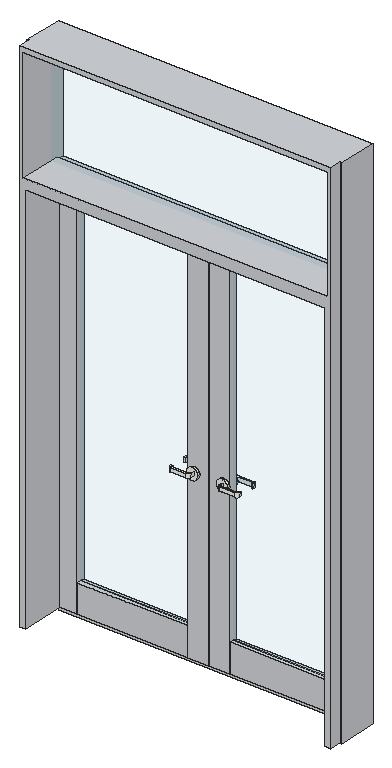
Revit family "Dor_両開き戸（幕板付）", category ドア, Revit 2020
Family settings
  ホスト = 壁
  常に垂直 = はい
  ロード時にボイドで切り取り = はい
  共有 = いいえ
  部屋計算ポイント = いいえ
Parameters (values of type "両開き戸（幕板付）")
  開口逃げ位置表示 [instance] = no
  金物_施錠方式(外) = ""
  金物_施錠方式(内) = ""
  金物_支持金物 = ""
  金物_操作金物 = ""
  金物_戸当り = ""
  金物_固定金物 = ""
  金物_フランス落し = ""
  金物_クローザー = ""
  逃げ_左 = 60 mm
  逃げ_右 = 60 mm
  解析用性能 = "<なし>"
  符号_建具記号 = ""
  符号_建具番号 = ""
  無目見付 = 40 mm
  法_随時閉鎖 = yes
  法_防火性能 = ""
  法_遮煙 = yes
  法_常時閉鎖 = yes
  沓摺表示 [instance] = yes
  文字_ガラス厚 = ""
  幕板高さ = 600 mm
  幕板_パネル = no
  幕板_ガラス = not(幕板_パネル)  # yes
  建枠下延長 [instance] = 0 mm
  沓摺見込_Kc_Kd [instance] = 150 mm
  ラベル_遮煙 = if(法_遮煙, "S", " ")  # "S"
  ラベル_法囲み = if(法_常時閉鎖, "□", if(法_随時閉鎖, "〇", " "))  # "□"
  ドア高さ = 2100 mm
  ドアパネルタイプ2 = DP_框 : 框
  ドアパネルタイプ1 = DP_框 : 框
  ドアパネルタイプ = DP_腰窓+ガラリ : 腰窓+ガラリ
  スリット/小窓位置：戸先 [instance] = yes
  ガラス厚 = 6 mm
  オフセット_外側 [instance] = 50 mm
  hideFill_offset [instance] = オフセット_内側 + 2 mm + LOCK  # 52 mm
  calc_逃げ位置 [instance] = if(bWallThicknessOffset, calc_壁芯ずれ, 0 mm)  # 0 mm
  calc_無目D [instance] = if(幕板_ガラス, パネル厚, 0 mm)  # 45 mm
  calc_沓摺幅 = 幅 + 戸当見付 * 2  # 1630 mm
  沓摺タイプ = Ka_沓摺 : Ka_沓摺
  次による断熱プロパティの定義 = スキーマティック タイプ
  枠見付内_F01 = 30 mm
  calc_枠見込内 [instance] = if(and(枠ちり内 = 0 mm, オフセット_内側 = 0 mm), 1 mm, 0 mm)  # 0 mm
  calc_枠見付内 = if(枠タイプ = 1, 枠見付内_F01, if(枠タイプ = 2, 枠見付 + 戸当見付, if(枠タイプ = 3, 枠見付 + 戸当見付, 枠見付)))  # 30 mm
  文字_額縁材質 = ""
  文字_額縁仕上 = ""
  文字_沓摺材質 = ""
  文字_沓摺仕上 = ""
  文字_枠材質 = ""
  文字_枠仕上 = ""
  文字_建具材質 = ""
  文字_建具仕上 = ""
  文字_取付場所 = ""
  文字_備考 = ""
  文字_パネル厚 = ""
  文字_ガラリ材質 = ""
  文字_ガラリ仕上 = ""
  文字_ガラス材質 = ""
  文字_アンダーカット = ""
  性能_遮音 = ""
  性能_気密 = ""
  形状_沓摺形状 = ""
  形状_枠形状 = ""
  形状_建具形式 = ""
  形状_ガラリ形状 = ""
  仕上げ厚 = 0 mm
  calc_幕板パネル高 = 幕板高さ + 戸当見付  # 615 mm
  calc_壁芯ずれ [instance] = オフセット_外側 / 2 + オフセット_内側 / 2  # 50 mm
  calc_仕上げ厚 [instance] = if(and(オフセット_内側 = 0 mm, 仕上げ厚 = 0 mm), 11 mm, 仕上げ厚)  # 0 mm
  マテリアル_沓摺 = none
  マテリアル_枠 = none
  マテリアル_パネル = none
  マテリアル_ガラリ = none
  マテリアル_ガラス = ガラス - 透明
  パネル幅2 = パネル幅1 + LOCK  # 815 mm
  パネル幅1 = 幅 / 2 + 戸当見付  # 815 mm
  calc_ボイド高さ = if(枠タイプ = 2, H寸法 + 枠見付 + 戸当見付, H寸法 + 枠見付)  # 2780 mm
  calc_パネル中心位置 = パネル厚 / 2 + LOCK  # 22.5 mm
  ハンドル表示 [instance] = yes
  Keynote = ""
  オフセット_内側 [instance] = 50 mm
  bWallThicknessOffset = no
  bGlass&F02 = and(枠タイプ = 2, 幕板_ガラス)  # no
  bF01&F03 = not(枠タイプ = 2)  # yes
  W寸法 = 1600 mm
  LOCK = 0 mm  # constant formula
  H寸法 = ドア高さ + 無目見付 + 幕板高さ + 戸当見付  # 2755 mm
  F02_片ひばた2 = 枠タイプ = 2  # no
  Function = (empty or 0)
  Description = ""
  枠タイプ = 1
  Rough Width = 0 mm
  高さ = H寸法 + LOCK  # 2755 mm
  枠見付 = 25 mm
  枠ちり外 = 10 mm
  枠ちり内 = 10 mm
  ハンドル_高さ = 900 mm
  ハンドル_オフセット = 80 mm
  戸当見付 = 15 mm
  Construction Type = ""
  Wall Closure = (empty or 0)
  幅 = W寸法 + LOCK  # 1600 mm
  Rough Height = 0 mm
  パネル高 = ドア高さ + 戸当見付 - アンダーカット  # 2110 mm
  パネル幅 = (幅 + 戸当見付 * 2) / 2  # 815 mm
  パネル厚 = 45 mm
  アンダーカット = 5 mm
  F01_片ひばた1 = 枠タイプ = 1  # yes
  F03_両ひばた = 枠タイプ = 3  # no
Reference planes
  plane 1: y = 0
  plane 2 "中心(左/右)": x = 0
  plane 3 "EXT.": y = 75
  plane 4 "内壁": y = -75
  plane 5 "左": x = -800
  plane 6 "右": x = 800
  plane 7 "上側": z = 2755
  plane 8: z = 0
  plane 9 "枠ちり外": y = 135
  plane 10 "左扉位置": x = -815
  plane 11 "枠外側左": x = -840
  plane 12 "枠内側左": x = -830
  plane 13 "仕上げ厚": y = -75
  plane 14 "右扉位置": x = 815
  plane 15 "枠外側右": x = 840
  plane 16 "枠内側右": x = 830
  plane 17 "枠見付_上": z = 2780
  plane 18 "枠見付内_上": z = 2795
  plane 19: y = 90
  plane 20 "戸当り込": y = -90
  plane 21 "枠見付内左": x = -830
  plane 22 "枠見付外": x = 830
  plane 23: z = 5
  plane 24 "オフセット": y = -125
  plane 25 "枠ちり内": y = -135
  plane 26 "パネル中心": y = 112.5
  plane 27: x = -845
  plane 28: x = 845
  plane 29: y = 65
  plane 30 "枠見込内": y = -75
  plane 31: y = -130
  plane 32 "壁芯": y = -50
  plane 33: x = 407.5
  plane 34: x = -407.5
  plane 35: x = -80
  plane 36: x = 80
  plane 37: z = 900
  plane 38 "上枠戸当り": z = 2100
  plane 39 "無目下端": z = 2115
  plane 40 "無目上端": z = 2155
  plane 41: z = 0
  plane 42 "オフセット外側": y = 125
  plane 43 "ガラス位置": z = 2140
  plane 44: y = 60
  plane 45 "無目D": y = 90
  plane 46 "逃げ位置": y = 0
Forms (mm)
  Extrusion 1, void
    sketch origin (0, 0, 0) x (1, 0, 0) y (0, 1, 0)
      loop
        line (-830, -125) -> (830, -125) -> (830, -75) -> (-830, -75) -> (-830, -125)
    from 0 to 2780 <- "calc_ボイド高さ"
  Extrusion 2, void
    sketch origin (0, 0, 0) x (1, 0, 0) y (0, 1, 0)
      loop
        line (-840, 125) -> (-840, -75) -> (840, -75) -> (840, 125) -> (-840, 125)
    from 0 to 2780
  Sweep 3, solid, material <- "マテリアル_枠", visible <- "F01_片ひばた1"
    path origin (0, 75, 0) x (1, 0, 0) y (0, 0, 1)
      loop
        line (800, 0) -> (800, 2100) -> (-800, 2100) -> (-800, 0)
    profile origin (800, 75, 1050) x (-1, 0, 0) y (0, -1, 0)
      loop
        line (-40, -60) -> (-15, -60) -> (-15, -15) -> (0, -15) -> (0, 210) -> (-30, 210) -> (-30, 150) -> (-40, 150) -> (-40, -60)
  Sweep 4, solid, material <- "マテリアル_枠", visible <- "F02_片ひばた2"
    path origin (0, 75, 0) x (1, 0, 0) y (0, 0, 1)
      loop
        line (800, 0) -> (800, 2100) -> (-800, 2100) -> (-800, 0)
    profile origin (800, 75, 1050) x (-1, 0, 0) y (0, -1, 0)
      loop
        line (-40, -60) -> (-15, -60) -> (-15, -15) -> (0, -15) -> (0, 210) -> (-40, 210) -> (-40, -60)
  Sweep 5, solid, material <- "マテリアル_枠", visible <- "F03_両ひばた"
    path origin (0, 75, 0) x (1, 0, 0) y (0, 0, 1)
      loop
        line (800, 0) -> (800, 2100) -> (-800, 2100) -> (-800, 0)
    profile origin (800, 75, 1050) x (-1, 0, 0) y (0, -1, 0)
      loop
        line (-40, -60) -> (-15, -60) -> (-15, -15) -> (0, -15) -> (0, 165) -> (-15, 165) -> (-15, 210) -> (-40, 210) -> (-40, -60)
  Extrusion 6, solid, material <- "マテリアル_枠", visible <- "F03_両ひばた"
    sketch origin (0, 0, 0) x (0, 1, 0) y (0, 0, 1)
      loop
        line (90, 2140) -> (90, 2155) -> (-135, 2155) -> (-135, 2140) -> (90, 2140)
    from -815 to 815
  Extrusion 7, solid, material "ガラス - 透明" <- "マテリアル_ガラス", visible <- "幕板_ガラス"
    sketch origin (0, 0, 0) x (1, 0, 0) y (0, 1, 0)
      loop
        line (-815, 50) -> (815, 50) -> (815, 60) -> (-815, 60) -> (-815, 50)
    from 2140 to 2755
  Extrusion 8, solid, material <- "マテリアル_枠", visible <- "F03_両ひばた"
    sketch origin (0, 95, 0) x (-1, 0, 0) y (0, 0, 1)
      loop
        line (-830, 2130) -> (-815, 2130) -> (-815, 2755) -> (815, 2755) -> (815, 2130) -> (830, 2130) -> (830, 2780) -> (-830, 2780) -> (-830, 2130)
    from 40 to -230
  Extrusion 9, solid, material <- "マテリアル_パネル", visible <- "幕板_パネル"
    sketch origin (0, 0, 0) x (0, 1, 0) y (0, 0, 1)
      loop
        line (132, 2755) -> (-132, 2755) -> (-132, 2155) -> (132, 2155) -> (132, 2755)
    from -815 to 815
  Extrusion 10, solid, material <- "マテリアル_枠", visible <- "F02_片ひばた2"
    sketch origin (0, 0, 0) x (0, 1, 0) y (0, 0, 1)
      loop
        line (90, 2140) -> (90, 2155) -> (-135, 2155) -> (-135, 2140) -> (90, 2140)
    from -815 to 815
  Extrusion 11, solid, material <- "マテリアル_枠", visible <- "F02_片ひばた2"
    sketch origin (0, 95, 0) x (-1, 0, 0) y (0, 0, 1)
      loop
        line (-840, 2140) -> (-815, 2140) -> (-815, 2755) -> (815, 2755) -> (815, 2140) -> (840, 2140) -> (840, 2780) -> (-840, 2780) -> (-840, 2140)
    from 40 to -230
  Extrusion 12, solid, material <- "マテリアル_枠", visible <- "F02_片ひばた2"
    sketch origin (0, -85, 0) x (-1, 0, 0) y (0, 0, 1)
      loop
        line (815, 2755) -> (800, 2755) -> (800, 2155) -> (815, 2155) -> (815, 2755)
      loop
        line (-800, 2755) -> (-815, 2755) -> (-815, 2155) -> (-800, 2155) -> (-800, 2755)
    from -50 to 175
  Extrusion 13, solid, material <- "マテリアル_枠", visible <- "F02_片ひばた2"
    sketch origin (0, -85, 0) x (-1, 0, 0) y (0, 0, 1)
      loop
        line (840, 2795) -> (-840, 2795) -> (-840, 2780) -> (840, 2780) -> (840, 2795)
    from 10 to -50
  Extrusion 14, solid, material <- "マテリアル_枠", visible <- "F01_片ひばた1"
    sketch origin (0, 0, 0) x (0, 1, 0) y (0, 0, 1)
      loop
        line (90, 2140) -> (90, 2155) -> (-135, 2155) -> (-135, 2130) -> (-75, 2130) -> (-75, 2140) -> (90, 2140)
    from -815 to 815
  Extrusion 15, solid, material <- "マテリアル_枠", visible <- "F01_片ひばた1"
    sketch origin (0, 95, 0) x (-1, 0, 0) y (0, 0, 1)
      loop
        line (-840, 2140) -> (-815, 2140) -> (-815, 2755) -> (815, 2755) -> (815, 2140) -> (840, 2140) -> (840, 2780) -> (-840, 2780) -> (-840, 2140)
    from 40 to -170
  Extrusion 16, solid, material <- "マテリアル_枠", visible <- "F01_片ひばた1"
    sketch origin (0, -85, 0) x (-1, 0, 0) y (0, 0, 1)
      loop
        line (830, 2130) -> (830, 2780) -> (-830, 2780) -> (-830, 2130) -> (-815, 2130) -> (-815, 2755) -> (815, 2755) -> (815, 2130) -> (830, 2130)
    from -50 to 10
Cuts and joins
  joined: Sweep 3, Extrusion 14, Extrusion 15, Extrusion 16
  joined: Sweep 4, Extrusion 10, Extrusion 11, Extrusion 12, Extrusion 13
  joined: Sweep 5, Extrusion 6, Extrusion 8
Lines and regions (mm)
  Masking region 1
    outline origin (0, 0, 0) x (0, 1, 0) y (0, 0, 1)
      loop
        line (135, 2115) -> (90, 2115) -> (90, 5) -> (135, 5) -> (135, 2115)
  Masking region 2, visible <- "F01_片ひばた1", detail levels medium+fine
    outline origin (0, 0, 0) x (1, 0, 0) y (0, 1, 0)
      loop
        line (-840, -75) -> (-830, -75) -> (-830, -135) -> (-800, -135) -> (-800, 90) -> (-815, 90) -> (-815, 135) -> (-840, 135) -> (-840, -75)
      loop
        line (840, -75) -> (840, 135) -> (815, 135) -> (815, 90) -> (800, 90) -> (800, -135) -> (830, -135) -> (830, -75) -> (840, -75)
  Masking region 3, visible <- "F02_片ひばた2", detail levels medium+fine
    outline origin (0, 0, 0) x (1, 0, 0) y (0, 1, 0)
      loop
        line (-840, -135) -> (-800, -135) -> (-800, 90) -> (-815, 90) -> (-815, 135) -> (-840, 135) -> (-840, -135)
      loop
        line (840, 135) -> (815, 135) -> (815, 90) -> (800, 90) -> (800, -135) -> (840, -135) -> (840, 135)
  Masking region 4, detail levels coarse
    outline origin (0, 0, 0) x (1, 0, 0) y (0, 1, 0)
      loop
        line (-800, -130) -> (800, -130) -> (800, -125) -> (800, 125) -> (800, 130) -> (-800, 130) -> (-800, 125) -> (-800, -125) -> (-800, -130)
  Masking region 5, detail levels coarse
    outline origin (0, 0, 0) x (1, 0, 0) y (0, 1, 0)
      loop
        line (-845, 125) -> (-845, -125) -> (-800, -125) -> (-800, 125) -> (-845, 125)
      loop
        line (845, 125) -> (800, 125) -> (800, -125) -> (845, -125) -> (845, 125)
  Masking region 6, visible <- "F03_両ひばた", detail levels medium+fine
    outline origin (0, 0, 0) x (1, 0, 0) y (0, 1, 0)
      loop
        line (-840, 135) -> (-840, -135) -> (-815, -135) -> (-815, -90) -> (-800, -90) -> (-800, 90) -> (-815, 90) -> (-815, 135) -> (-840, 135)
      loop
        line (840, 135) -> (815, 135) -> (815, 90) -> (800, 90) -> (800, -90) -> (815, -90) -> (815, -135) -> (840, -135) -> (840, 135)
  Masking region 7, visible <- "F02_片ひばた2"
    outline origin (0, -50, 0) x (0, 1, 0) y (0, 0, 1)
      loop
        line (155, 2780) -> (155, 2782) -> (-3, 2782) -> (-3, 2797) -> (-55, 2797) -> (-55, 2795) -> (-85, 2795) -> (-85, 2755) -> (185, 2755) -> (185, 2780) -> (155, 2780)
  Masking region 8, visible <- "bF01&F03"
    outline origin (0, 0, 0) x (0, 1, 0) y (0, 0, 1)
      loop
        line (105, 2780) -> (105, 2782) -> (-105, 2782) -> (-105, 2780) -> (-135, 2780) -> (-135, 2755) -> (135, 2755) -> (135, 2780) -> (105, 2780)
  Masking region 9, visible <- "幕板_パネル"
    outline origin (0, 0, 0) x (0, 1, 0) y (0, 0, 1)
      loop
        line (132, 2155) -> (132, 2755) -> (-132, 2755) -> (-132, 2155) -> (132, 2155)
  Masking region 10, visible <- "bGlass&F02"
    outline origin (0, 0, 0) x (0, 1, 0) y (0, 0, 1)
      loop
        line (88, 2155) -> (90, 2155) -> (92, 2155) -> (92, 2755) -> (88, 2755) -> (88, 2155)
  symbolic lines
    curve 1: line (0, 185, 0) -> (0, -185, 0)
  symbolic lines, style "DoorsGlassProjection", visible <- "幕板_ガラス", detail levels coarse
    curve 2: line (0, 60, 2140) -> (0, 60, 2755)
  symbolic lines, style "DoorsGlassProjection", visible <- "幕板_ガラス"
    curve 3: line (0, 97.5, 2140) -> (0, 97.5, 2755)
Text (mm)
  text "EXT." at (-2295.016, 1099.543, 0), in view "基準レベル"
  text "外部" at (0, 1615.38, 3698.081), in view "左"
  text "外部" at (0, 1036.032, 3874.932), in view "右"
  text "内部" at (0, -1175.082, 3874.932), in view "右"
  text "内部" at (-2295.016, -1087.353, 0), in view "基準レベル"
Dimensions and locks
  equal spacing: plane 5 "左", plane 2 "中心(左/右)", plane 6 "右"
  locked: plane 3 "EXT." to host wall
  locked: plane 4 "内壁" to host wall
  "W寸法": plane 5 "左" to plane 6 "右"
  "H寸法": plane 8 to plane 7 "上側"
  "戸当見付": plane 10 "左扉位置" to plane 5 "左"
  "calc_枠見付内": plane 12 "枠内側左" to plane 5 "左"
  "枠見付": plane 11 "枠外側左" to plane 10 "左扉位置"
  "calc_仕上げ厚": plane 13 "仕上げ厚" to plane 4 "内壁"
  "枠見付": plane 15 "枠外側右" to plane 14 "右扉位置"
  "パネル厚": plane 9 "枠ちり外" to plane 19
  "戸当見付": plane 6 "右" to plane 14 "右扉位置"
  "calc_枠見付内": plane 6 "右" to plane 16 "枠内側右"
  "枠見付内_F01": plane 21 "枠見付内左" to plane 5 "左"
  "枠見付内_F01": plane 6 "右" to plane 22 "枠見付外"
  "枠ちり内": plane 24 "オフセット" to plane 25 "枠ちり内"
  "オフセット_内側": plane 24 "オフセット" to plane 4 "内壁"
  "アンダーカット": plane 23 to plane 8
  plane 9 "枠ちり外" to nested 4 to plane 19 = 22.5 mm, 22.5 mm
  locked: curve 1 to plane 9 "枠ちり外" at 50
  locked: plane 25 "枠ちり内" to curve 1 at 50
  plane 4 "内壁" to plane 3 "EXT." = 150 mm
  locked: plane 27 to plane 11 "枠外側左" at 5
  locked: plane 15 "枠外側右" to plane 28 at 5
  locked: plane 29 to plane 3 "EXT." at 10
  locked: plane 24 "オフセット" to plane 31 at 5
  "calc_壁芯ずれ": plane 32 "壁芯" to plane 1
  equal spacing: plane 2 "中心(左/右)", plane 33, plane 14 "右扉位置"
  equal spacing: plane 10 "左扉位置", plane 34, plane 2 "中心(左/右)"
  "ハンドル_高さ": plane 37 to plane 8
  "ハンドル_オフセット": plane 36 to plane 2 "中心(左/右)"
  "ハンドル_オフセット": plane 2 "中心(左/右)" to plane 35
  "ドア高さ": plane 38 "上枠戸当り" to plane 8
  "戸当見付": plane 39 "無目下端" to plane 38 "上枠戸当り"
  "無目見付": plane 40 "無目上端" to plane 39 "無目下端"
  "建枠下延長": plane 8 to plane 41
  "calc_枠見込内": plane 30 "枠見込内" to plane 4 "内壁"
  "calc_パネル中心位置": plane 9 "枠ちり外" to plane 26 "パネル中心"
  "オフセット_外側": plane 3 "EXT." to plane 42 "オフセット外側"
  "枠ちり外": plane 42 "オフセット外側" to plane 9 "枠ちり外"
  locked: plane 42 "オフセット外側" to Masking region 4 sketch curve at 5
  plane 7 "上側" to plane 40 "無目上端" = 600 mm
  plane 40 "無目上端" to plane 43 "ガラス位置" = 15 mm
  plane 7 "上側" to plane 18 "枠見付内_上" = 40 mm
  "calc_無目D": plane 9 "枠ちり外" to plane 45 "無目D"
  locked: Masking region 7 sketch curve to plane 25 "枠ちり内" at 30
  locked: plane 9 "枠ちり外" to Masking region 7 sketch curve at 30
  locked: Masking region 7 sketch curve to plane 17 "枠見付_上" at 2
  "枠見付": plane 7 "上側" to plane 17 "枠見付_上"
  "戸当見付": plane 18 "枠見付内_上" to plane 17 "枠見付_上"
  locked: plane 9 "枠ちり外" to Extrusion 9 at 3
  locked: Extrusion 9 to plane 25 "枠ちり内" at 3
  locked: Masking region 8 sketch curve to plane 17 "枠見付_上" at 2
  locked: plane 9 "枠ちり外" to Masking region 8 sketch curve at 30
  locked: Masking region 8 sketch curve to plane 25 "枠ちり内" at 30
  locked: plane 43 "ガラス位置" to Extrusion 8 sketch curve at 10  (x2)
  locked: plane 43 "ガラス位置" to Extrusion 14 sketch curve at 10
  locked: curve 3 to plane 45 "無目D" at 7.5
  locked: Masking region 7 sketch curve to plane 18 "枠見付内_上" at 2
  "hideFill_offset": Masking region 7 sketch curve to Masking region 7 sketch curve
  Masking region 10 sketch curve to plane 45 "無目D" to Masking region 10 sketch curve = 2 mm locked, 2 mm locked
  "パネル厚": plane 20 "戸当り込" to plane 25 "枠ちり内"
  Extrusion 6 to Extrusion 8 = 640 mm
  "calc_逃げ位置": plane 46 "逃げ位置" to host wall
  aligned and locked: plane 1 to host wall
  aligned and locked: level to plane 8
  aligned and locked: Extrusion 1 sketch curve to plane 12 "枠内側左"
  aligned and locked: Extrusion 1 sketch curve to plane 16 "枠内側右"
  aligned and locked: plane 11 "枠外側左" to Extrusion 2 sketch curve
  aligned and locked: plane 13 "仕上げ厚" to Extrusion 2 sketch curve
  aligned and locked: plane 15 "枠外側右" to Extrusion 2 sketch curve
  aligned and locked: plane 17 "枠見付_上" to Extrusion 2
  aligned and locked: plane 6 "右" to Sweep 3 sketch curve  (x2)
  aligned and locked: Sweep 3 sketch curve to plane 5 "左"
  aligned and locked: Sweep 3 sketch curve to plane 13 "仕上げ厚"
  aligned and locked: plane 9 "枠ちり外" to Sweep 3 sketch curve
  aligned and locked: plane 19 to Sweep 3 sketch curve
  aligned and locked: plane 14 "右扉位置" to Sweep 3 sketch curve
  aligned and locked: Sweep 3 sketch curve to plane 15 "枠外側右"
  aligned and locked: plane 15 "枠外側右" to Sweep 4 sketch curve
  aligned and locked: plane 14 "右扉位置" to Sweep 5 sketch curve  (x2)
  aligned and locked: Sweep 5 sketch curve to plane 20 "戸当り込"
  aligned and locked: plane 22 "枠見付外" to Sweep 3 sketch curve
  aligned and locked: Sweep 3 sketch curve to plane 25 "枠ちり内"
  aligned and locked: Sweep 4 sketch curve to plane 25 "枠ちり内"
  aligned and locked: plane 19 to Sweep 4 sketch curve
  aligned and locked: Sweep 5 sketch curve to plane 25 "枠ちり内"
  aligned and locked: Extrusion 1 to plane 24 "オフセット"
  aligned and locked: Sweep 4 to Masking region 1 sketch curve
  aligned and locked: plane 2 "中心(左/右)" to nested 1
  aligned and locked: nested 1 to plane 26 "パネル中心"
  aligned and locked: Masking region 2 sketch curve to plane 9 "枠ちり外"
  aligned and locked: Masking region 2 sketch curve to plane 19
  aligned and locked: plane 25 "枠ちり内" to Masking region 2 sketch curve
  aligned and locked: plane 11 "枠外側左" to Masking region 2 sketch curve
  aligned and locked: plane 5 "左" to Masking region 2 sketch curve
  aligned and locked: plane 6 "右" to Masking region 2 sketch curve
  aligned and locked: Masking region 2 sketch curve to plane 15 "枠外側右"
  aligned and locked: plane 14 "右扉位置" to Masking region 2 sketch curve
  aligned and locked: Masking region 2 sketch curve to plane 21 "枠見付内左"
  aligned and locked: plane 21 "枠見付内左" to Masking region 2 sketch curve
  aligned and locked: plane 22 "枠見付外" to Masking region 2 sketch curve  (x2)
  aligned and locked: plane 5 "左" to Masking region 4 sketch curve
  aligned and locked: Masking region 4 sketch curve to plane 6 "右"
  aligned and locked: Masking region 5 sketch curve to plane 27
  aligned and locked: Masking region 4 to Masking region 5 sketch curve
  aligned and locked: plane 6 "右" to Masking region 5 sketch curve
  aligned and locked: Masking region 5 sketch curve to plane 28
  aligned and locked: plane 24 "オフセット" to Masking region 5 sketch curve
  aligned and locked: Masking region 5 sketch curve to plane 24 "オフセット"
  aligned and locked: plane 24 "オフセット" to Masking region 4 sketch curve  (x2)
  aligned and locked: Masking region 4 sketch curve to plane 31
  aligned and locked: plane 14 "右扉位置" to Masking region 6 sketch curve
  aligned and locked: plane 20 "戸当り込" to Masking region 6 sketch curve  (x2)
  aligned and locked: Masking region 6 sketch curve to plane 20 "戸当り込"  (x2)
  aligned and locked: nested 2 to plane 9 "枠ちり外"
  aligned and locked: nested 2 to plane 14 "右扉位置"
  aligned and locked: plane 19 to Sweep 5 sketch curve
  aligned and locked: plane 9 "枠ちり外" to Sweep 5 sketch curve
  aligned and locked: plane 9 "枠ちり外" to Sweep 4 sketch curve
  aligned and locked: plane 34 to nested 4
  aligned and locked: plane 26 "パネル中心" to nested 5
  aligned and locked: nested 4 to plane 26 "パネル中心"
  aligned and locked: nested 5 to plane 8
  aligned and locked: plane 8 to nested 4
  aligned and locked: nested 7 to plane 35
  aligned and locked: nested 6 to plane 26 "パネル中心"
  aligned and locked: plane 26 "パネル中心" to nested 7
  aligned and locked: nested 7 to plane 37
  aligned and locked: plane 37 to nested 6
  aligned and locked: plane 33 to nested 8
  aligned and locked: nested 8 to plane 8
  aligned and locked: plane 34 to nested 9
  aligned and locked: plane 8 to nested 9
  aligned and locked: plane 33 to nested 5
  aligned and locked: Masking region 1 to plane 39 "無目下端"
  aligned and locked: plane 13 "仕上げ厚" to Extrusion 1 sketch curve
  aligned and locked: plane 41 to Sweep 3 sketch curve  (x2)
  aligned and locked: plane 41 to Sweep 4 sketch curve  (x2)
  aligned and locked: plane 41 to Sweep 5 sketch curve  (x2)
  aligned and locked: Masking region 6 sketch curve to plane 15 "枠外側右"
  aligned and locked: plane 11 "枠外側左" to Masking region 6 sketch curve
  aligned and locked: plane 4 "内壁" to Masking region 2 sketch curve
  aligned and locked: Masking region 2 sketch curve to plane 4 "内壁"
  aligned and locked: Masking region 3 sketch curve to plane 15 "枠外側右"
  aligned and locked: plane 11 "枠外側左" to Masking region 3 sketch curve
  aligned and locked: plane 42 "オフセット外側" to Masking region 5 sketch curve
  aligned and locked: Masking region 5 sketch curve to plane 42 "オフセット外側"
  aligned and locked: plane 42 "オフセット外側" to Masking region 4 sketch curve  (x2)
  aligned and locked: Sweep 5 sketch curve to plane 38 "上枠戸当り"
  aligned and locked: Sweep 4 sketch curve to plane 38 "上枠戸当り"
  aligned and locked: Sweep 3 sketch curve to plane 38 "上枠戸当り"
  aligned and locked: Extrusion 7 sketch curve to plane 44
  aligned and locked: Masking region 7 sketch curve to Masking region 7 sketch curve  (x3)
  aligned and locked: Masking region 8 sketch curve to Masking region 8 sketch curve
  aligned and locked: Extrusion 16 sketch curve to plane 10 "左扉位置"
  aligned and locked: plane 12 "枠内側左" to Extrusion 16 sketch curve
  aligned and locked: Extrusion 16 sketch curve to plane 22 "枠見付外"
  aligned and locked: Extrusion 16 sketch curve to plane 14 "右扉位置"
  aligned and locked: Extrusion 16 sketch curve to plane 17 "枠見付_上"
  aligned and locked: plane 45 "無目D" to Extrusion 14 sketch curve
  aligned and locked: Extrusion 11 to plane 25 "枠ちり内"
  aligned and locked: plane 18 "枠見付内_上" to Extrusion 13
  aligned and locked: plane 13 "仕上げ厚" to Extrusion 13
  aligned and locked: plane 9 "枠ちり外" to Masking region 7 sketch curve
  aligned and locked: plane 7 "上側" to Masking region 7 sketch curve
  aligned and locked: Masking region 7 sketch curve to plane 25 "枠ちり内"
  aligned and locked: plane 18 "枠見付内_上" to Masking region 7 sketch curve
  aligned and locked: Extrusion 12 to plane 25 "枠ちり内"
  aligned and locked: plane 16 "枠内側右" to Extrusion 8 sketch curve
  aligned and locked: Extrusion 8 sketch curve to plane 14 "右扉位置"
  aligned and locked: Extrusion 8 sketch curve to plane 7 "上側"
  aligned and locked: Extrusion 8 sketch curve to plane 17 "枠見付_上"
  aligned and locked: Extrusion 8 sketch curve to plane 12 "枠内側左"
  aligned and locked: Extrusion 8 sketch curve to plane 10 "左扉位置"
  aligned and locked: plane 45 "無目D" to Extrusion 6 sketch curve
  aligned and locked: cut or joined group of Sweep 5, Extrusion 6, Extrusion 8 to plane 10 "左扉位置"
  aligned and locked: cut or joined group of Sweep 5, Extrusion 6, Extrusion 8 to plane 14 "右扉位置"
  aligned and locked: Extrusion 9 to plane 10 "左扉位置"
  aligned and locked: Extrusion 9 to plane 14 "右扉位置"
  aligned and locked: Extrusion 7 to plane 7 "上側"
  aligned and locked: Extrusion 7 to plane 43 "ガラス位置"
  aligned and locked: cut or joined group of Sweep 4, Extrusion 10, Extrusion 11, Extrusion 12, Extrusion 13 to plane 14 "右扉位置"
  aligned and locked: cut or joined group of Sweep 4, Extrusion 10, Extrusion 11, Extrusion 12, Extrusion 13 to plane 10 "左扉位置"
  aligned and locked: Extrusion 14 to plane 14 "右扉位置"
  aligned and locked: Extrusion 14 to plane 10 "左扉位置"
  aligned and locked: Extrusion 14 sketch curve to plane 25 "枠ちり内"
  aligned and locked: Extrusion 6 sketch curve to plane 25 "枠ちり内"
  aligned and locked: plane 45 "無目D" to Extrusion 10 sketch curve
  aligned and locked: Extrusion 10 sketch curve to plane 25 "枠ちり内"
  aligned and locked: Extrusion 10 sketch curve to plane 40 "無目上端"
  aligned and locked: Extrusion 10 sketch curve to plane 43 "ガラス位置"
  aligned and locked: Masking region 9 sketch curve to plane 7 "上側"
  aligned and locked: plane 9 "枠ちり外" to Masking region 8 sketch curve
  aligned and locked: plane 7 "上側" to Masking region 8 sketch curve
  aligned and locked: plane 17 "枠見付_上" to Masking region 8 sketch curve  (x2)
  aligned and locked: cut or joined group of Sweep 3, Extrusion 14, Extrusion 15, Extrusion 16 to plane 25 "枠ちり内"  (x2)
  aligned and locked: Extrusion 14 sketch curve to plane 13 "仕上げ厚"
  aligned and locked: plane 42 "オフセット外側" to Extrusion 2 sketch curve
  aligned and locked: cut or joined group of Sweep 4, Extrusion 10, Extrusion 11, Extrusion 12, Extrusion 13 to plane 25 "枠ちり内"
  aligned and locked: plane 45 "無目D" to Masking region 10 sketch curve
  aligned and locked: cut or joined group of Sweep 4, Extrusion 10, Extrusion 11, Extrusion 12, Extrusion 13 to plane 45 "無目D"
  aligned and locked: cut or joined group of Sweep 5, Extrusion 6, Extrusion 8 to plane 25 "枠ちり内"
  aligned and locked: plane 9 "枠ちり外" to cut or joined group of Sweep 5, Extrusion 6, Extrusion 8
  aligned and locked: nested 3 to plane 46 "逃げ位置"
  aligned and locked: plane 9 "枠ちり外" to cut or joined group of Sweep 3, Extrusion 14, Extrusion 15, Extrusion 16  (x2)
  aligned and locked: plane 9 "枠ちり外" to cut or joined group of Sweep 4, Extrusion 10, Extrusion 11, Extrusion 12, Extrusion 13
  aligned and locked: plane 13 "仕上げ厚" to cut or joined group of Sweep 3, Extrusion 14, Extrusion 15, Extrusion 16
  aligned and locked: cut or joined group of Sweep 3, Extrusion 14, Extrusion 15, Extrusion 16 to plane 13 "仕上げ厚"
Automatic sketch dimensions
  curve 1 to plane 2 "中心(左/右)" = 0 mm
  Masking region 2 sketch curve to plane 10 "左扉位置" = 0 mm
  Masking region 2 sketch curve to plane 25 "枠ちり内" = 0 mm
  Masking region 2 sketch curve to plane 19 = 0 mm
  Masking region 2 sketch curve to plane 9 "枠ちり外" = 0 mm
  plane 5 "左" to Sweep 4 sketch curve = 0 mm
  plane 6 "右" to Sweep 4 sketch curve = 0 mm
  Sweep 4 sketch curve to profile plane = 0 mm
  profile plane to Sweep 4 sketch curve = 15 mm
  plane 5 "左" to Sweep 5 sketch curve = 0 mm
  plane 6 "右" to Sweep 5 sketch curve = 0 mm
  Sweep 5 sketch curve to profile plane = 0 mm
  profile plane to Sweep 5 sketch curve = 15 mm
  Sweep 5 sketch curve to Sweep 5 sketch curve = 25 mm
  Masking region 3 sketch curve to plane 10 "左扉位置" = 0 mm
  Masking region 3 sketch curve to plane 5 "左" = 0 mm
  Masking region 3 sketch curve to plane 6 "右" = 0 mm
  Masking region 3 sketch curve to plane 14 "右扉位置" = 0 mm
  Masking region 3 sketch curve to plane 25 "枠ちり内" = 0 mm  (x2)
  Masking region 3 sketch curve to plane 19 = 0 mm  (x2)
  Masking region 3 sketch curve to plane 9 "枠ちり外" = 0 mm  (x2)
  Masking region 6 sketch curve to plane 10 "左扉位置" = 0 mm  (x2)
  Masking region 6 sketch curve to plane 5 "左" = 0 mm
  Masking region 6 sketch curve to plane 6 "右" = 0 mm
  Masking region 6 sketch curve to plane 14 "右扉位置" = 0 mm
  Masking region 6 sketch curve to plane 25 "枠ちり内" = 0 mm  (x2)
  Masking region 6 sketch curve to plane 19 = 0 mm  (x2)
  Masking region 6 sketch curve to plane 9 "枠ちり外" = 0 mm  (x2)
  plane 43 "ガラス位置" to Extrusion 6 sketch curve = 0 mm
  plane 40 "無目上端" to Extrusion 6 sketch curve = 0 mm
  Extrusion 7 sketch curve to plane 10 "左扉位置" = 0 mm
  Extrusion 7 sketch curve to plane 14 "右扉位置" = 0 mm
  Extrusion 7 sketch curve to plane 44 = 10 mm
  plane 7 "上側" to Extrusion 9 sketch curve = 0 mm
  plane 40 "無目上端" to Extrusion 9 sketch curve = 0 mm
  Extrusion 12 sketch curve to plane 7 "上側" = 0 mm  (x2)
  plane 14 "右扉位置" to Extrusion 12 sketch curve = 0 mm
  plane 6 "右" to Extrusion 12 sketch curve = 0 mm
  plane 5 "左" to Extrusion 12 sketch curve = 0 mm
  Extrusion 12 sketch curve to plane 10 "左扉位置" = 0 mm
  Extrusion 12 sketch curve to plane 40 "無目上端" = 0 mm  (x2)
  Extrusion 9 sketch curve to Extrusion 9 sketch curve = 264 mm
  host wall to Extrusion 9 sketch curve = 57 mm
  host wall to Extrusion 1 sketch curve = 50 mm
  Masking region 1 sketch curve to plane 19 = 0 mm
  Masking region 1 sketch curve to plane 23 = 0 mm
  Masking region 1 sketch curve to plane 39 "無目下端" = 0 mm
  plane 15 "枠外側右" to Extrusion 11 sketch curve = 0 mm
  plane 14 "右扉位置" to Extrusion 11 sketch curve = 0 mm
  Extrusion 11 sketch curve to plane 7 "上側" = 0 mm
  plane 10 "左扉位置" to Extrusion 11 sketch curve = 0 mm
  Extrusion 11 sketch curve to plane 11 "枠外側左" = 0 mm
  Extrusion 11 sketch curve to plane 43 "ガラス位置" = 0 mm  (x2)
  Extrusion 11 sketch curve to plane 17 "枠見付_上" = 0 mm
  plane 15 "枠外側右" to Extrusion 13 sketch curve = 0 mm
  plane 11 "枠外側左" to Extrusion 13 sketch curve = 0 mm
  Extrusion 13 sketch curve to plane 17 "枠見付_上" = 0 mm
  plane 17 "枠見付_上" to Extrusion 13 sketch curve = 15 mm
  plane 15 "枠外側右" to Extrusion 15 sketch curve = 0 mm
  plane 14 "右扉位置" to Extrusion 15 sketch curve = 0 mm
  plane 10 "左扉位置" to Extrusion 15 sketch curve = 0 mm
  Extrusion 15 sketch curve to plane 11 "枠外側左" = 0 mm
  Extrusion 15 sketch curve to plane 40 "無目上端" = 15 mm  (x2)
  Extrusion 15 sketch curve to plane 17 "枠見付_上" = 25 mm
  Extrusion 15 sketch curve to plane 18 "枠見付内_上" = 15 mm
  plane 7 "上側" to curve 2 = 0 mm
  curve 2 to plane 43 "ガラス位置" = 0 mm
  curve 2 to plane 29 = 5 mm
  Masking region 9 sketch curve to plane 40 "無目上端" = 0 mm
  Masking region 9 sketch curve to plane 31 = 2 mm
  Masking region 9 sketch curve to plane 9 "枠ちり外" = 3 mm
  Masking region 8 sketch curve to plane 25 "枠ちり内" = 0 mm
  Extrusion 16 sketch curve to plane 7 "上側" = 0 mm
  Extrusion 16 sketch curve to plane 43 "ガラス位置" = 10 mm  (x2)
  Extrusion 14 sketch curve to plane 43 "ガラス位置" = 0 mm
  Extrusion 14 sketch curve to plane 40 "無目上端" = 0 mm
  plane 7 "上側" to curve 3 = 0 mm
  curve 3 to plane 43 "ガラス位置" = 0 mm
  Masking region 10 sketch curve to plane 40 "無目上端" = 0 mm
  plane 7 "上側" to Masking region 10 sketch curve = 0 mm
  Masking region 7 sketch curve to plane 17 "枠見付_上" = 0 mm
Nested families
  nested 1: "Ka_沓摺" at (0, 112.5, 0), 沓摺材質 <- "マテリアル_沓摺", アンダーカット <- "アンダーカット", パネル厚 <- "パネル厚", パネル幅 <- "calc_沓摺幅", visible <- "沓摺表示", type <- "沓摺タイプ", 沓摺見込 <- "沓摺見込_Kc_Kd", type "Ka_沓摺"
    with 沓摺見込 150 mm, 沓摺材質 none, パネル幅 1630 mm, パネル厚 45 mm, アンダーカット 5 mm
  nested 2: "平面_両開き戸" at (0, 135, 0), type "平面_両開き戸"
    with 開口幅 1600 mm, パネル幅2_簡易 800 mm, パネル幅2 815 mm, パネル幅1_簡易 800 mm, パネル幅1 815 mm, パネル厚 45 mm
  nested 3: "平面_逃げ位置" at (0, 0, 0), visible <- "開口逃げ位置表示", 幅 <- "幅", 逃げ_右 <- "逃げ_右", 逃げ_左 <- "逃げ_左", type "平面_逃げ位置"
    with 逃げ_左 60 mm, 逃げ_右 60 mm, 幅 1600 mm
  nested 4: "DP_框" at (-407.5, 112.5, 0), マテリアル_パネル <- "マテリアル_パネル", 幅 <- "パネル幅1", 高さ <- "パネル高", Thickness <- "パネル厚", アンダーカット <- "アンダーカット", マテリアル_ガラス <- "マテリアル_ガラス", マテリアル_ガラリ <- "マテリアル_ガラリ", スリット/小窓位置：戸先 <- "スリット/小窓位置：戸先", type <- "ドアパネルタイプ2", ガラス厚 <- "ガラス厚", type "框"
    with 高さ 2110 mm, 幅 815 mm, built-in parameter 1001302 45 mm, マテリアル_パネル none, マテリアル_ガラリ none, マテリアル_ガラス ガラス - 透明, スリット/小窓位置：戸先 yes, ガラス高 1840 mm, ガラス表記_左上 yes, ガラス表記_右上 no, ガラス表記_反転 yes, ガラス幅 595 mm, ガラス厚 6 mm, アンダーカット 5 mm
  nested 5: "DP_框" at (407.5, 112.5, 0) x (-1, 0, 0) z (0, 0, 1), マテリアル_パネル <- "マテリアル_パネル", 幅 <- "パネル幅1", 高さ <- "パネル高", Thickness <- "パネル厚", type <- "ドアパネルタイプ1", マテリアル_ガラス <- "マテリアル_ガラス", アンダーカット <- "アンダーカット", スリット/小窓位置：戸先 <- "スリット/小窓位置：戸先", マテリアル_ガラリ <- "マテリアル_ガラリ", ガラス厚 <- "ガラス厚", type "框"
    with 高さ 2110 mm, 幅 815 mm, built-in parameter 1001302 45 mm, マテリアル_パネル none, マテリアル_ガラリ none, マテリアル_ガラス ガラス - 透明, スリット/小窓位置：戸先 yes, ガラス高 1840 mm, ガラス表記_左上 no, ガラス表記_右上 yes, ガラス表記_反転 no, ガラス幅 595 mm, ガラス厚 6 mm, アンダーカット 5 mm
  nested 6: "Ha_ハンドル" at (80, 112.5, 900), visible <- "ハンドル表示", type "Ha_ハンドル"
    with パネル厚 45 mm
  nested 7: "Ha_ハンドル" at (-80, 112.5, 900) x (-1, 0, 0) z (0, 0, 1), visible <- "ハンドル表示", type "Ha_ハンドル"
    with パネル厚 45 mm
  nested 8: "立面_スイング_開き戸" at (407.5, -75, 0) x (1, 0, 0) z (0, -1, 0), パネル幅 <- "パネル幅1", パネル高 <- "パネル高", アンダーカット <- "アンダーカット", type "立面_スイング_開き戸"
    with パネル高 2110 mm, パネル幅 815 mm, アンダーカット 5 mm
  nested 9: "立面_スイング_開き戸" at (-407.5, -75, 0) x (-1, 0, 0) z (0, -1, 0), パネル幅 <- "パネル幅1", パネル高 <- "パネル高", アンダーカット <- "アンダーカット", type "立面_スイング_開き戸"
    with パネル高 2110 mm, パネル幅 815 mm, アンダーカット 5 mm
Definition of nested family "Ka_沓摺"
  Parameters (values of type "Ka_沓摺")
    沓摺材質 [instance] = none
    Default Elevation = 0 mm
    沓摺見込 [instance] = 150 mm
    パネル幅 [instance] = 830 mm
    パネル厚 [instance] = 45 mm
    アンダーカット [instance] = 5 mm
    FB厚 = 6 mm
  Reference planes
    plane 1 "中心(正面/背面)": y = 0
    plane 2: z = 0
    plane 3 "中心(左/右)": x = 0
    plane 4 "パネル内側": y = -22.5
    plane 5: x = -415
    plane 6: x = 415
    plane 7: z = 5
    plane 8: z = 3
    plane 9 "パネル外側": y = 22.5
    plane 10: z = -20
    plane 11: y = 3
    plane 12: y = -3
  Forms (mm)
    Extrusion 1, solid, material <- "沓摺材質"
      sketch origin (0, 0, 0) x (0, 1, 0) y (0, 0, 1)
        loop
          line (3, -20) -> (3, 3) -> (-3, 3) -> (-3, -20) -> (3, -20)
      from -415 to 415
  Lines and regions (mm)
    Masking region 1
      outline origin (0, 0, 0) x (0, 1, 0) y (0, 0, 1)
        loop
          line (3, -20) -> (3, 3) -> (-3, 3) -> (-3, -20) -> (3, -20)
  Dimensions and locks
    "パネル幅": plane 5 to plane 6
    equal spacing: plane 5, plane 3 "中心(左/右)", plane 6
    "アンダーカット": plane 7 to plane 2
    locked: plane 7 to plane 8 at 2
    equal spacing: plane 9 "パネル外側", plane 1 "中心(正面/背面)", plane 4 "パネル内側"
    "パネル厚": plane 9 "パネル外側" to plane 4 "パネル内側"
    locked: plane 7 to plane 10 at 25
    plane 11 to plane 12 = 6 mm
    equal spacing: plane 11, plane 1 "中心(正面/背面)", plane 12
    "FB厚": plane 12 to plane 11
    aligned and locked: level to plane 2
    aligned and locked: plane 10 to Extrusion 1 sketch curve
    aligned and locked: Extrusion 1 sketch curve to plane 8
    aligned and locked: plane 6 to Extrusion 1
    aligned and locked: Extrusion 1 to plane 5
    aligned and locked: plane 11 to Masking region 1 sketch curve
    aligned and locked: Masking region 1 sketch curve to plane 12
    aligned and locked: Extrusion 1 sketch curve to plane 11
    aligned and locked: plane 12 to Extrusion 1 sketch curve
  Automatic sketch dimensions
    Masking region 1 sketch curve to plane 8 = 0 mm
    Masking region 1 sketch curve to plane 10 = 0 mm
Definition of nested family "DP_框"
  Parameters (values of type "框")
    Height [instance] = 1995 mm
    Analytic Construction = "<なし>"
    Define Thermal Properties by = 1
    横框面落ち = 0 mm
    框_左 = 110 mm
    框_右 = 110 mm
    框_下 = 150 mm
    框_上 = 120 mm
    Width [instance] = 800 mm
    Thickness [instance] = 40 mm
    マテリアル_パネル [instance] = none
    マテリアル_ガラリ [instance] = none
    マテリアル_ガラス [instance] = none
    スリット/小窓位置：戸先 [instance] = yes
    ガラス高 [instance] = Height - 框_上 - 框_下  # 1725 mm
    ガラス表記_左上 [instance] = ガラス表記_反転  # yes
    ガラス表記_右上 [instance] = not(ガラス表記_反転)  # no
    ガラス表記_反転 [instance] = yes
    ガラス幅 [instance] = Width - 框_右 - 框_左  # 580 mm
    ガラス厚 [instance] = 6 mm
    アンダーカット [instance] = 5 mm
  Types (2, lengths in mm): name | 框_左 | 框_右 | 框_下 | 框_上 | ガラス高 | ガラス表記_左上 | ガラス表記_右上 | ガラス表記_反転 | ガラス幅
    框 | 110 | 110 | 150 | 120 | 1725 | yes | no | yes | 580
    可動パーティション | 25 | 25 | 50 | 50 | 1895 | no | yes | no | 750
  Reference planes
    plane 1 "中心(正面/背面)": y = 0
    plane 2: z = 0
    plane 3 "中心(左/右)": x = 0
    plane 4: x = -400
    plane 5: x = 400
    plane 6: y = 20
    plane 7: y = -20
    plane 8: z = 2000
    plane 9: x = -290
    plane 10: x = 290
    plane 11: z = 1880
    plane 12: z = 155
    plane 13 "ガラス中心": x = 0
    plane 14: y = 20
    plane 15: y = -20
    plane 16: z = 5
  Forms (mm)
    Extrusion 1, solid, material <- "マテリアル_パネル"
      sketch origin (0, 0, 0) x (1, 0, 0) y (0, 1, 0)
        loop
          line (-400, -20) -> (-290, -20) -> (-290, 20) -> (-400, 20) -> (-400, -20)
        loop
          line (290, -20) -> (400, -20) -> (400, 20) -> (290, 20) -> (290, -20)
      from 5 to 2000
    Extrusion 2, solid, material <- "マテリアル_パネル"
      sketch origin (0, 0, 0) x (1, 0, 0) y (0, 0, 1)
        loop
          line (290, 2000) -> (-290, 2000) -> (-290, 1880) -> (290, 1880) -> (290, 2000)
        loop
          line (290, 155) -> (-290, 155) -> (-290, 5) -> (290, 5) -> (290, 155)
      from -20 to 20
  Cuts and joins
    joined: Extrusion 1, Extrusion 2
  Lines and regions (mm)
    symbolic lines, detail levels coarse+medium
      curve 1: line (0, 0, 2000) -> (0, 0, 0)
  Dimensions and locks
    equal spacing: plane 4, plane 3 "中心(左/右)", plane 5
    "Width": plane 4 to plane 5
    equal spacing: plane 7, plane 1 "中心(正面/背面)", plane 6
    "Thickness": plane 7 to plane 6
    "框_左": plane 9 to plane 4
    "框_右": plane 10 to plane 5
    "框_上": plane 8 to plane 11
    plane 2 to level = 0 mm
    equal spacing: plane 9, plane 13 "ガラス中心", plane 10
    plane 14 to plane 6 = 0 mm
    plane 15 to plane 7 = 0 mm
    "横框面落ち": plane 6 to plane 14
    "横框面落ち": plane 15 to plane 7
    "アンダーカット": plane 16 to plane 2
    "Height": plane 8 to plane 16
    "框_下": plane 12 to plane 16
    aligned and locked: nested 1 to plane 1 "中心(正面/背面)"
    aligned and locked: nested 1 to plane 12
    aligned and locked: Extrusion 1 sketch curve to plane 7  (x2)
    aligned and locked: Extrusion 1 sketch curve to plane 4
    aligned and locked: Extrusion 1 sketch curve to plane 6
    aligned and locked: plane 9 to Extrusion 1 sketch curve
    aligned and locked: plane 10 to Extrusion 1 sketch curve
    aligned and locked: Extrusion 1 sketch curve to plane 5
    aligned and locked: Extrusion 1 to plane 8
    aligned and locked: Extrusion 2 sketch curve to plane 8
    aligned and locked: plane 10 to Extrusion 2 sketch curve  (x2)
    aligned and locked: Extrusion 2 sketch curve to plane 11
    aligned and locked: Extrusion 2 sketch curve to plane 9  (x2)
    aligned and locked: Extrusion 2 sketch curve to plane 12
    aligned and locked: plane 8 to curve 1
    aligned and locked: plane 2 to curve 1
    aligned and locked: plane 1 "中心(正面/背面)" to curve 1
    aligned and locked: plane 13 "ガラス中心" to nested 1
    aligned and locked: plane 9 to nested 4
    aligned and locked: nested 4 to plane 11
    aligned and locked: nested 2 to plane 10
    aligned and locked: plane 11 to nested 2
    aligned and locked: plane 12 to nested 3
    aligned and locked: plane 10 to nested 3
    aligned and locked: nested 5 to plane 12
    aligned and locked: nested 5 to plane 9
    aligned and locked: Extrusion 1 to plane 16
    aligned and locked: cut or joined group of Extrusion 1, Extrusion 2 to plane 16
  Automatic sketch dimensions
    plane 6 to Extrusion 1 sketch curve = 0 mm
    level to Extrusion 2 sketch curve = 5 mm
  Nested families
    nested 1: "DPw_ガラス" at (0, 15, 155), Height <- "ガラス高", Width <- "ガラス幅", Thickness <- "ガラス厚", built-in parameter 1001364 <- "框_下", マテリアル_ガラス <- "マテリアル_ガラス", type "ガラス"
      with Height 1725 mm, Width 580 mm, Thickness 6 mm, マテリアル_ガラス none
    nested 2: "記号_ガラス表記" at (290, 0, 1880) x (1, 0, 0) z (0, -1, 0), visible <- "ガラス表記_右上", type "記号_ガラス表記"
    nested 3: "記号_ガラス表記" at (290, 0, 155) x (1, 0, 0) z (0, -1, 0), visible <- "ガラス表記_左上", type "記号_ガラス表記"
    nested 4: "記号_ガラス表記" at (-290, 0, 1880) x (-1, 0, 0) z (0, -1, 0), visible <- "ガラス表記_左上", type "記号_ガラス表記"
    nested 5: "記号_ガラス表記" at (-290, 0, 155) x (-1, 0, 0) z (0, -1, 0), visible <- "ガラス表記_右上", type "記号_ガラス表記"
  Definition of nested family "DPw_ガラス"
    Parameters (values of type "DPw_ガラス")
      Define Thermal Properties by = 1
      Visual Light Transmittance = 0.9
      Solar Heat Gain Coefficient = 0.78
      Height [instance] = 1000 mm
      Heat Transfer Coefficient (U) = 3.6886 W/(m²·K)
      Width [instance] = 800 mm
      Analytic Construction = "1/8 インチ ピルキントン一重ガラス"
      Thickness [instance] = 6 mm
      マテリアル_ガラス [instance] = none
    Reference planes
      plane 1 "中心(正面/背面)": y = -15
      plane 2 "下": z = 0
      plane 3 "中心(左/右)": x = 0
      plane 4 "左": x = -400
      plane 5 "右": x = 400
      plane 6 "上": z = 1000
      plane 7: y = -12
      plane 8: y = -18
      plane 9: z = 500
    Forms (mm)
      Extrusion 1, solid, material <- "マテリアル_ガラス"
        sketch origin (0, -15, 0) x (1, 0, 0) y (0, 0, 1)
          loop
            line (-400, 0) -> (400, 0) -> (400, 1000) -> (-400, 1000) -> (-400, 0)
        from -3 to 3
    Lines and regions (mm)
      symbolic lines, detail levels medium+fine
        curve 1: line (400, -15, 0) -> (-400, -15, 0)
      symbolic lines, detail levels fine
        curve 2: line (0, -15, 1000) -> (0, -15, 0)
    Dimensions and locks
      equal spacing: plane 4 "左", plane 3 "中心(左/右)", plane 5 "右"
      "Width": plane 4 "左" to plane 5 "右"
      "Height": plane 6 "上" to plane 2 "下"
      equal spacing: plane 6 "上", plane 9, plane 2 "下"
      "Thickness": plane 8 to plane 7
      equal spacing: plane 8, plane 1 "中心(正面/背面)", plane 7
      plane 2 "下" to level = 0 mm
      aligned and locked: plane 5 "右" to Extrusion 1
      aligned and locked: Extrusion 1 to plane 4 "左"
      aligned and locked: Extrusion 1 to plane 7
      aligned and locked: plane 8 to Extrusion 1
      aligned and locked: curve 1 to plane 1 "中心(正面/背面)"
      aligned and locked: plane 4 "左" to curve 1
      aligned and locked: Extrusion 1 to curve 1
      aligned and locked: plane 6 "上" to Extrusion 1
      aligned and locked: plane 2 "下" to curve 2
      aligned and locked: plane 6 "上" to curve 2
      aligned and locked: Extrusion 1 to plane 2 "下"
    Automatic sketch dimensions
      Extrusion 1 sketch curve to plane 4 "左" = 0 mm
      Extrusion 1 sketch curve to plane 5 "右" = 0 mm
      level to Extrusion 1 sketch curve = 0 mm
      Extrusion 1 sketch curve to plane 6 "上" = 0 mm
      curve 2 to plane 1 "中心(正面/背面)" = 0 mm
  Definition of nested family "記号_ガラス表記"
    Reference planes
      plane 1 "中心(正面/背面)": y = 0
      plane 2: z = 0
      plane 3 "中心(左/右)": x = 0
    Lines and regions (mm)
      detail lines, in view "基準レベル"
        curve 1: line (-84.853, -63.64, 0) -> (-21.213, 0, 0)
        curve 2: line (0, -21.213, 0) -> (-63.64, -84.853, 0)
    Dimensions and locks
      aligned: plane 1 "中心(正面/背面)" to curve 1
Definition of nested family "Ha_ハンドル"
  Parameters (values of type "Ha_ハンドル")
    Analytic Construction = "<なし>"
    Define Thermal Properties by = 1
    ハンドル = none
    パネル厚 = 40 mm
    Keynote = "08730.A5"
    Function = (empty or 0)
  Reference planes
    plane 1 "中心(正面/背面)": y = 0
    plane 2: z = 0
    plane 3 "中心(左/右)": x = 0
    plane 4: y = 20
    plane 5: y = -20
    plane 6: x = 100
    plane 7: y = 30
    plane 8: y = 55
  Forms (mm)
    Extrusion 1, solid, material <- "ハンドル"
      sketch origin (0, 0, 0) x (1, 0, 0) y (0, 0, 1)
        loop
          circle (0, 0) r 30
      from 20 to 30
    Sweep 2, solid, material <- "ハンドル"
      path origin (0, 5, 0) x (1, 0, 0) y (0, 1, 0)
        loop
          line (0, -35) -> (0, -50)
          arc (0, -50) -> (2.929, -57.071) -> (10, -60) r 10
          line (10, -60) -> (90, -60)
          arc (90, -60) -> (97.071, -57.071) -> (100, -50) r 10
          line (100, -50) -> (100, -45)
      profile origin (0, -37.5, 0) x (1, 0, 0) y (0, 0, 1)
        loop
          line (-5, -10) -> (5, -10) -> (5, 10) -> (-5, 10) -> (-5, -10)
    Extrusion 3, solid, material <- "ハンドル"
      sketch origin (0, 0, 0) x (1, 0, 0) y (0, 0, -1)
        loop
          circle (0, 0) r 30
      from 20 to 30
    Sweep 4, solid, material <- "ハンドル"
      path origin (0, -5, 0) x (1, 0, 0) y (0, -1, 0)
        loop
          line (0, -35) -> (0, -50)
          arc (0, -50) -> (2.929, -57.071) -> (10, -60) r 10
          line (10, -60) -> (90, -60)
          arc (90, -60) -> (97.071, -57.071) -> (100, -50) r 10
          line (100, -50) -> (100, -45)
      profile origin (0, 37.5, 0) x (-1, 0, 0) y (0, 0, 1)
        loop
          line (5, -10) -> (5, 10) -> (-5, 10) -> (-5, -10) -> (5, -10)
  Dimensions and locks
    equal spacing: plane 5, plane 1 "中心(正面/背面)", plane 4
    "パネル厚": plane 5 to plane 4
    locked: Extrusion 1 to plane 5 at 10
    equal spacing: Sweep 2 sketch curve, plane 3 "中心(左/右)", Sweep 2 sketch curve
    equal spacing: Sweep 2 sketch curve, level, Sweep 2 sketch curve
    locked: plane 7 to plane 4 at 10
    locked: plane 8 to plane 4 at 35
    Sweep 4 sketch curve to Sweep 4 sketch curve = 10 mm
    Sweep 4 sketch curve to Sweep 4 sketch curve = 20 mm
    aligned and locked: Extrusion 1 to plane 5
    aligned and locked: Extrusion 1 to Sweep 2 sketch curve
    aligned and locked: plane 7 to Extrusion 3
    aligned and locked: plane 4 to Extrusion 3
  Automatic sketch dimensions
    Extrusion 1 sketch curve to level = 0 mm
    Extrusion 1 sketch curve to plane 3 "中心(左/右)" = 0 mm
    Sweep 2 sketch curve to plane 3 "中心(左/右)" = 0 mm
    Sweep 2 sketch curve to plane 6 = 0 mm
    plane 3 "中心(左/右)" to Sweep 2 sketch curve = 10 mm
    Sweep 2 sketch curve to plane 6 = 10 mm
    plane 5 to Sweep 2 sketch curve = 20 mm
    Sweep 2 sketch curve to Sweep 2 sketch curve = 5 mm
    profile plane to Sweep 2 sketch curve = 5 mm
    Sweep 2 sketch curve to level = 10 mm
    Extrusion 3 sketch curve to level = 0 mm
    Extrusion 3 sketch curve to plane 3 "中心(左/右)" = 0 mm
    Sweep 4 sketch curve to plane 3 "中心(左/右)" = 0 mm
    Sweep 4 sketch curve to plane 8 = 0 mm
    Sweep 4 sketch curve to plane 6 = 0 mm
    Sweep 4 sketch curve to plane 7 = 0 mm
    Sweep 4 sketch curve to plane 3 "中心(左/右)" = 10 mm
    plane 6 to Sweep 4 sketch curve = 10 mm
    Sweep 4 sketch curve to Sweep 4 sketch curve = 5 mm
    profile plane to Sweep 4 sketch curve = 5 mm
    Sweep 4 sketch curve to profile plane = 5 mm
    Sweep 4 sketch curve to level = 10 mm
    level to Sweep 4 sketch curve = 10 mm
    radius of Extrusion 1 sketch curve = 30 mm
    radius of Extrusion 3 sketch curve = 30 mm
Definition of nested family "平面_両開き戸"
  Parameters (values of type "平面_両開き戸")
    開口幅 = 1500 mm
    枠ちり外 = 10 mm
    戸当見付 = 15 mm
    パネル幅2_簡易 = パネル幅1_簡易  # 750 mm
    パネル幅2 = パネル幅1  # 765 mm
    パネル幅1_簡易 = 開口幅 / 2  # 750 mm
    パネル幅1 = (開口幅 + 戸当見付 * 2) / 2  # 765 mm
    パネル厚 = 50 mm
  Reference planes
    plane 1 "中心(正面/背面)": y = 0
    plane 2: z = 0
    plane 3 "中心(左/右)": x = 0
    plane 4: x = -750
    plane 5: x = 750
    plane 6: x = -765
    plane 7: x = 765
    plane 8: y = -50
    plane 9: y = -10
    plane 10: y = 765
    plane 11: y = 740
  Lines and regions (mm)
    Masking region 1, in view "基準レベル", detail levels medium+fine
      outline origin (0, 0, 0) x (1, 0, 0) y (0, 1, 0)
        loop
          line (0, -50) -> (765, -50) -> (765, 0) -> (0, 0) -> (0, -50)
    Masking region 2, in view "基準レベル", detail levels medium+fine
      outline origin (0, 0, 0) x (0, 1, 0) y (-1, 0, 0)
        loop
          line (-50, 0) -> (0, 0) -> (0, 765) -> (-50, 765) -> (-50, 0)
    detail lines, in view "基準レベル", detail levels coarse
      curve 1: line (750, -10, 0) -> (750, 740, 0)
      curve 2: arc (0, -10, 0) -> (219.67, 520.33, 0) -> (750, 740, 0) r 750
      curve 3: line (-750, -10, 0) -> (-750, 740, 0)
      curve 4: arc (0, -10, 0) -> (-219.67, 520.33, 0) -> (-750, 740, 0) r 750
    detail lines, in view "基準レベル", detail levels medium+fine
      curve 5: line (765, 0, 0) -> (765, 765, 0)
      curve 6: line (-765, 0, 0) -> (-765, 764.946, 0)
      curve 7: arc (0.068, 0.068, 0) -> (224.111, 540.956, 0) -> (765, 765, 0) r 764.932
      curve 8: arc (-0.067, 0.013, 0) -> (-224.111, 540.903, 0) -> (-765, 764.946, 0) r 764.933
  Dimensions and locks
    equal spacing: plane 4, plane 3 "中心(左/右)", plane 5
    "開口幅": plane 4 to plane 5
    "戸当見付": plane 6 to plane 4
    "戸当見付": plane 5 to plane 7
    "パネル厚": plane 8 to plane 1 "中心(正面/背面)"
    "枠ちり外": plane 9 to plane 1 "中心(正面/背面)"
    "パネル幅1": plane 1 "中心(正面/背面)" to plane 10
    "パネル幅1_簡易": plane 11 to plane 9
    aligned and locked: Masking region 1 sketch curve to plane 8
    aligned and locked: Masking region 1 sketch curve to plane 1 "中心(正面/背面)"
    aligned and locked: plane 7 to Masking region 1 sketch curve
    aligned and locked: Masking region 1 to plane 3 "中心(左/右)"
    aligned and locked: Masking region 2 to plane 6
    aligned and locked: plane 7 to Masking region 1
    aligned and locked: plane 3 "中心(左/右)" to Masking region 2
    aligned and locked: plane 11 to curve 1
    aligned and locked: plane 9 to curve 1
    aligned and locked: plane 5 to curve 1
    aligned and locked: plane 9 to curve 2
    aligned and locked: plane 11 to curve 3
    aligned and locked: plane 9 to curve 3
    aligned and locked: plane 4 to curve 3
    aligned and locked: plane 1 "中心(正面/背面)" to curve 6
    aligned and locked: plane 10 to curve 5
    aligned and locked: plane 1 "中心(正面/背面)" to curve 5
    aligned and locked: plane 7 to curve 5
    aligned and locked: plane 6 to curve 6
  Automatic sketch dimensions
    Masking region 1 sketch curve to plane 3 "中心(左/右)" = 0 mm
    Masking region 2 sketch curve to plane 6 = 0 mm
    Masking region 2 sketch curve to plane 8 = 0 mm
    plane 1 "中心(正面/背面)" to Masking region 2 sketch curve = 0 mm
    Masking region 2 sketch curve to plane 3 "中心(左/右)" = 0 mm
    curve 8 to plane 1 "中心(正面/背面)" = 0.013 mm
Definition of nested family "平面_逃げ位置"
  Parameters (values of type "平面_逃げ位置")
    逃げ_左 [instance] = 40 mm
    逃げ_右 [instance] = 40 mm
    幅 [instance] = 1000 mm
  Reference planes
    plane 1 "中心(正面/背面)": y = 0
    plane 2: z = 0
    plane 3 "中心(左/右)": x = 0
    plane 4: x = -500
    plane 5: x = 500
    plane 6: x = 540
    plane 7: x = -540
    plane 8: y = -30
    plane 9: y = 30
  Lines and regions (mm)
    detail lines, in view "基準レベル"
      curve 1: line (-540, 30, 0) -> (-540, -30, 0)
      curve 2: line (540, 30, 0) -> (540, -30, 0)
  Dimensions and locks
    equal spacing: plane 4, plane 3 "中心(左/右)", plane 5
    "幅": plane 4 to plane 5
    plane 9 to plane 8 = 60 mm
    equal spacing: plane 9, plane 1 "中心(正面/背面)", plane 8
    "逃げ_左": plane 7 to plane 4
    "逃げ_右": plane 5 to plane 6
    aligned and locked: curve 1 to plane 7
    aligned and locked: plane 6 to curve 2
    aligned and locked: plane 9 to curve 2
  Automatic sketch dimensions
    curve 1 to plane 8 = 0 mm
    curve 2 to plane 8 = 0 mm
    curve 1 to plane 9 = 0 mm
Definition of nested family "立面_スイング_開き戸"
  Parameters (values of type "立面_スイング_開き戸")
    パネル高 [instance] = 1800 mm
    パネル幅 [instance] = 900 mm
    アンダーカット [instance] = 5 mm
  Reference planes
    plane 1 "中心(正面/背面)": y = 0
    plane 2: z = 0
    plane 3 "中心(左/右)": x = 0
    plane 4: y = 5
    plane 5: x = -450
    plane 6: x = 450
    plane 7: y = 1805
    plane 8: y = 905
  Lines and regions (mm)
    detail lines, in view "基準レベル"
      curve 1: line (-450, 1805, 0) -> (450, 905, 0)
      curve 2: line (450, 905, 0) -> (-450, 5, 0)
  Dimensions and locks
    equal spacing: plane 7, plane 8, plane 4
    "アンダーカット": plane 1 "中心(正面/背面)" to plane 4
    "パネル高": plane 7 to plane 4
    equal spacing: plane 5, plane 3 "中心(左/右)", plane 6
    "パネル幅": plane 5 to plane 6
    aligned and locked: plane 5 to curve 1
    aligned and locked: plane 7 to curve 1
    aligned and locked: plane 5 to curve 2
    aligned and locked: plane 4 to curve 2
    aligned and locked: plane 6 to curve 2
    aligned and locked: plane 8 to curve 1
